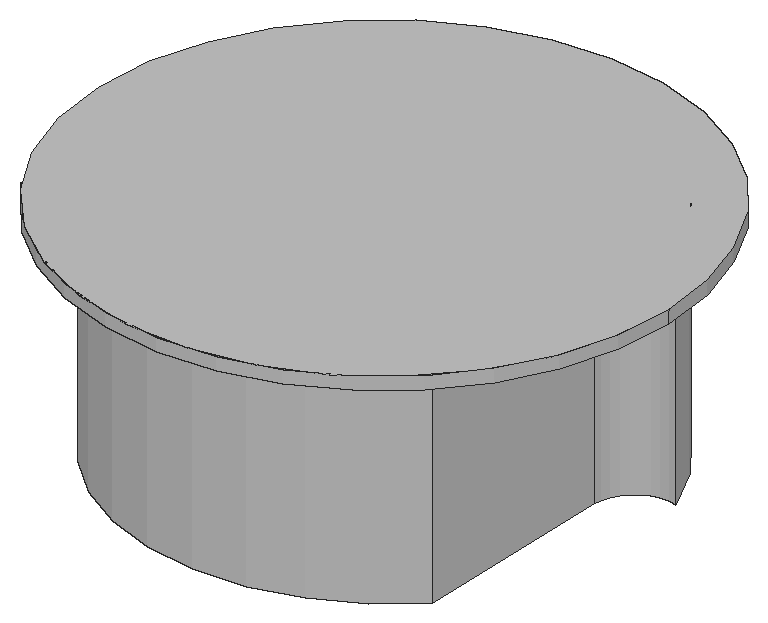
Revit family "Electronics_Desono_Biamp_Ceiling-Loudspeaker_CM20DTS", category Communication Devices, host Face, Revit 2020
Family settings
  Host = Face
  Maintain Annotation Orientation = No
  Round Connector Dimension = Use Diameter
  Part Type = Normal
  OmniClass Number = 23.85.10.11.14.14.14
  OmniClass Title = Loudspeakers
  Cut with Voids When Loaded = No
  Shared = No
  Room Calculation Point = No
Parameters (values of type "CM20DTS")
  Tile Bridge [instance] = no
  Nom ceiling thikness [instance] = if(or(Ceiling Thickness < 0' 0 1/4", Ceiling Thickness = 0' 0 1/4"), 0' 0 1/4", if(and(Ceiling Thickness > 0' 0 1/4", Ceiling Thickness < 0' 3"), Ceiling Thickness, if(or(Ceiling Thickness > 0' 3", Ceiling Thickness = 0' 3"), 0' 3", 0' 0")))  # 0' - 0 1/4"
  Ceiling Thickness [instance] = 0' - 0 1/4"
  Weight = 4.40925 lbf  # constant formula
  URL = "https://www.biamp.com/"
  Transformer = "70V: 20W, 10W, 5W, 2.5W, 1.25W;100V: 20W, 10W, 5W, 2.5W"  # constant formula
  Transducers = "LF 1 x 4.25 (108 mm) treated paper cone;HF 1 x 1 (25 mm) soft dome"  # constant formula
  Shipping Weight = 7.70 lbf  # constant formula
  Safety Features = "2 hang points"  # constant formula
  Recommended Amplifers = "40W - 80W @ 16Ω (25V - 36V)"  # constant formula
  Protection = "3-step self-resetting protection"  # constant formula
  Product data url = "https://www.bimobject.com/biamp/product/cm20dts_desono-ceiling"
  Product Page URL = "https://www.biamp.com/products/product-families/desono/ceiling-loudspeakers#cm20dts"
  Product Documentation Link = "https://downloads.biamp.com/assets/docs/default-source/data-sheets/biamp_data_sheet_desono_cm20dts_oct21.pdf"
  Operating Range (-10dB) = "90 Hz to 22 kHz"  # constant formula
  Operating Mode = "Passive"  # constant formula
  Operating Environment = "Indoor"  # constant formula
  Nominal Sensitivity @ 1m = "1W - 87dB;2.83V - 84dB"  # constant formula
  Nominal Maximum SPL @ 1m = "Peak - 109dB; Continuous - 103dB"  # constant formula
  Nominal Beamwidth  (H x V) = "150° x 100°"  # constant formula
  Mounting Provisions = "2 mounting clamps with grip range of 0.2 - 1.6 (3 - 41 mm);Cover plate with 0.75 (22 mm) NPT knockout for conduit connectors"  # constant formula
  Model = "CM20DTS"  # constant formula
  Manufacturer = "Biamp"  # constant formula
  Input Connection = "(1) 4-way Euroblock connector with permanent pass-through"  # constant formula
  Housing Material = Biamp - Plastic - Gray
  Grill Material = Biamp - Plastic - Gray(Grid)
  Diameter = 0' - 8.77953"  # constant formula
  Description = "Desono™ CM20DTS Two-Way 4.25 Ceiling Loudspeaker"  # constant formula
  Depth = 0' - 3.30709"  # constant formula
  Default Elevation = 4' - 0"
  Cutout Diameter = "7.6 (193 mm)"  # constant formula
  Continuous Power Handling Nominal Impedance = "25V 40W @ 16Ω (160W peak)"  # constant formula
  Connector Description = "4-way Euroblock; Low impedance 16 ohms, 70/100V operation"  # constant formula
  Compliance = "ETL listed to comply with UL 1480A and UL 2043;Certifed to CSA C22.2#62368-1;Suitable for use in air handling spaces per NFPA 70, NFPA 90;Conforms with City of Chicago Codes"  # constant formula
Reference planes (in)
  plane 1 "Center (Front/Back)": y = 0
  plane 2: z = 0
  plane 3 "Center (Left/Right)": x = 0
Forms (in)
  Extrusion 1, solid, material "Biamp - Plastic - Gray(Grid)" <- "Grill Material"
    sketch origin (0, 0, 0) x (1, 0, 0) y (0, 1, 0)
      loop
        circle (0, 0) r 4.38976
    from 0 to 0.19685
  Extrusion 2, solid, material "Biamp - Plastic - Gray" <- "Housing Material", detail levels coarse
    sketch origin (0, 0, 0) x (1, 0, 0) y (0, 1, 0)
      loop
        circle (0, 0) r 3.79921
    from -3.30709 to 0
  Extrusion 3, void
    sketch origin (0, 0, 0) x (1, 0, 0) y (0, 1, 0)
      loop
        line (-0.98425, -0.29528) -> (0.98425, -0.29528) -> (0.98425, 0.29528) -> (-0.98425, 0.29528) -> (-0.98425, -0.29528)
    from -3.30709 to -3.24097
  Extrusion 4, void
    sketch origin (0, 0, 0) x (1, 0, 0) y (0, 1, 0)
      loop
        circle (0, 0) r 3.79921
    from -3.30709 to 0
  Extrusion 5, solid, material "Biamp - Plastic - Gray" <- "Housing Material", detail levels medium+fine
    sketch origin (0, 0, 0) x (1, 0, 0) y (0, 1, 0)
      loop
        arc (3.56434, 1.16746) -> (0.74661, 3.57749) -> (-2.78224, 2.43948) r 3.79921
        line (-2.78224, 2.43948) -> (-2.78224, -0.56249)
        arc (-2.78224, -0.56249) -> (-3.01111, -1.04594) -> (-3.53011, -1.17533) r 0.62503
        arc (-3.53011, -1.17533) -> (-0.75395, -3.61492) -> (2.78224, -2.54063) r 3.79921
        line (2.78224, -2.54063) -> (2.78224, 0.56249)
        arc (2.78224, 0.56249) -> (3.02485, 1.05688) -> (3.56434, 1.16746) r 0.62503
    from -3.30709 to 0
Cuts and joins
  Extrusion 3 cuts Extrusion 1
  Extrusion 3 cuts Extrusion 2
  Extrusion 3 cuts Extrusion 5
Lines and regions (in)
  Masking region 1
    outline origin (0, 0, 0) x (1, 0, 0) y (0, 1, 0)
      loop
        circle (0, 0) r 4.38976
  Masking region 2
    outline origin (0, 0, 0) x (1, 0, 0) y (0, 0, 1)
      loop
        line (-4.38976, 0.19685) -> (-4.38976, 0) -> (4.38976, 0) -> (4.38976, 0.19685) -> (-4.38976, 0.19685)
  Masking region 3
    outline origin (0, 0, 0) x (1, 0, 0) y (0, 0, 1)
      loop
        line (-3.79921, 0) -> (-3.79921, -3.30709) -> (3.79921, -3.30709) -> (3.79921, 0) -> (-3.79921, 0)
  reference lines
    curve 1: line (-60.26023, 0, -0.25) -> (-31.26023, 0, -0.25)
Dimensions and locks (in)
  "Nom ceiling thikness": plane 2 to curve 1
  aligned and locked: plane 2 to host face
  aligned and locked: level to host face
Automatic sketch dimensions
  host sketch curve to host sketch curve = 8' - 0"  (x2)
  plane 1 "Center (Front/Back)" to Extrusion 1 sketch curve = 0' - 0"
  Extrusion 1 sketch curve to plane 3 "Center (Left/Right)" = 0' - 0"
  plane 1 "Center (Front/Back)" to Extrusion 2 sketch curve = 0' - 0"
  Extrusion 2 sketch curve to plane 3 "Center (Left/Right)" = 0' - 0"
  Extrusion 3 sketch curve to plane 1 "Center (Front/Back)" = 0' - 0.29528"
  Extrusion 3 sketch curve to plane 3 "Center (Left/Right)" = 0' - 0.98425"
  plane 3 "Center (Left/Right)" to Extrusion 3 sketch curve = 0' - 0.98425"
  plane 1 "Center (Front/Back)" to Extrusion 3 sketch curve = 0' - 0.29528"
  plane 1 "Center (Front/Back)" to Extrusion 4 sketch curve = 0' - 0"
  Extrusion 4 sketch curve to plane 3 "Center (Left/Right)" = 0' - 0"
  Extrusion 5 sketch curve to plane 3 "Center (Left/Right)" = 0' - 0"
  Extrusion 5 sketch curve to plane 3 "Center (Left/Right)" = 0' - 2.78224"
  Extrusion 5 sketch curve to Extrusion 5 sketch curve = 0' - 0.62503"  (x2)
  plane 3 "Center (Left/Right)" to Extrusion 5 sketch curve = 0' - 0.04921"
  Extrusion 5 sketch curve to plane 1 "Center (Front/Back)" = 0' - 0 9/16"
  Extrusion 5 sketch curve to Extrusion 5 sketch curve = 0' - 2.73302"
  Extrusion 5 sketch curve to plane 1 "Center (Front/Back)" = 0' - 0.09843"
  plane 1 "Center (Front/Back)" to Extrusion 5 sketch curve = 0' - 0.14764"
  plane 1 "Center (Front/Back)" to Extrusion 5 sketch curve = 0' - 0 9/16"
  plane 1 "Center (Front/Back)" to Extrusion 5 sketch curve = 0' - 2.54063"
  Extrusion 5 sketch curve to plane 1 "Center (Front/Back)" = 0' - 2.43948"
  plane 1 "Center (Front/Back)" to Masking region 1 sketch curve = 0' - 0"
  Masking region 1 sketch curve to plane 3 "Center (Left/Right)" = 0' - 0"
  Masking region 2 sketch curve to level = 0' - 0"
  Masking region 2 sketch curve to plane 3 "Center (Left/Right)" = 0' - 4.38976"
  plane 3 "Center (Left/Right)" to Masking region 2 sketch curve = 0' - 4.38976"
  Masking region 2 sketch curve to Masking region 2 sketch curve = 0' - 0.19685"
  Masking region 3 sketch curve to level = 0' - 0"
  Masking region 3 sketch curve to plane 3 "Center (Left/Right)" = 0' - 3.79921"
  plane 3 "Center (Left/Right)" to Masking region 3 sketch curve = 0' - 3.79921"
  Masking region 3 sketch curve to level = 0' - 3.30709"
  curve 1 to plane 3 "Center (Left/Right)" = 5' - 0.26023"
  curve 1 to curve 1 = 2' - 5"
  radius of Extrusion 1 sketch curve = 0' - 4.38976"
  radius of Extrusion 2 sketch curve = 0' - 3.79921"
  radius of Extrusion 4 sketch curve = 0' - 3.79921"
  radius of Masking region 1 sketch curve = 0' - 4.38976"
Nested families (in)
  nested 1: "Tile rail" at (-4.15724, 0, -0.25) x (1, 0, 0) z (0, 0, -1), visible <- "Tile Bridge", type "Tile rail"
    with Housing Material Biamp - Metal - Silver
  nested 2: "Tile rail" at (4.15724, 0, -0.25) x (1, 0, 0) z (0, 0, -1), visible <- "Tile Bridge", type "Tile rail"
    with Housing Material Biamp - Metal - Silver
  nested 3: "Tile rail spaser" at (0, 6.34252, -0.30906) x (0, -1, 0) z (0, 0, -1), visible <- "Tile Bridge", type "Tile rail spaser"
    with Housing Material Biamp - Metal - Silver
  nested 4: "Tile rail spaser" at (0, -6.34252, -0.30906) x (0, 1, 0) z (0, 0, -1), visible <- "Tile Bridge", type "Tile rail spaser"
    with Housing Material Biamp - Metal - Silver
Connectors (in)
  electrical at (0, 0, -3.24097), driven by "Connector Description"
    settings: on cut or joined group of Extrusion 2, Extrusion 3, index 1, voltage 0 V, apparent load 0 VA, apparent load phase1 0 VA, apparent load phase2 0 VA, apparent load phase3 0 VA, power factor 1, load classification "Other", number of poles 1, system type 5, power factor state 1, is connector primary yes, connector utility no, sub classification motor no, connector description "4-way Euroblock; Low impedance 16 ohms, 70/100V operation"
Definition of nested family "Tile rail"
  Parameters (values of type "Tile rail")
    Housing Material [instance] = none
    Height = 0' - 0"
    Default Elevation = 4' - 0"
  Reference planes (in)
    plane 1 "Center (Front/Back)": y = 0
    plane 2: z = 0
    plane 3 "Center (Left/Right)": x = 0
  Forms (in)
    Extrusion 1, solid, material <- "Housing Material"
      sketch origin (0, 0, 0) x (0, 1, 0) y (0, 0, 1)
        loop
          line (11.77165, 0) -> (11.77165, 1.24632)
          arc (11.77165, 1.24632) -> (11.78715, 1.28372) -> (11.82455, 1.29921) r 0.0529
          line (11.82455, 1.29921) -> (12.21564, 1.29921)
          arc (12.21564, 1.29921) -> (12.24968, 1.28511) -> (12.26378, 1.25107) r 0.04814
          line (12.26378, 1.25107) -> (12.26378, 1.05307) -> (12.34252, 1.05307) -> (12.34252, 1.32954)
          arc (12.34252, 1.32954) -> (12.32834, 1.36377) -> (12.29411, 1.37795) r 0.04841
          line (12.29411, 1.37795) -> (11.74385, 1.37795)
          arc (11.74385, 1.37795) -> (11.70783, 1.36303) -> (11.69291, 1.32702) r 0.05093
          line (11.69291, 1.32702) -> (11.69291, 0) -> (11.77165, 0)
        loop
          line (-11.77165, 0) -> (-11.69291, 0) -> (-11.69291, 1.32702)
          arc (-11.69291, 1.32702) -> (-11.70783, 1.36303) -> (-11.74385, 1.37795) r 0.05093
          line (-11.74385, 1.37795) -> (-12.29411, 1.37795)
          arc (-12.29411, 1.37795) -> (-12.32834, 1.36377) -> (-12.34252, 1.32954) r 0.04841
          line (-12.34252, 1.32954) -> (-12.34252, 1.05307) -> (-12.26378, 1.05307) -> (-12.26378, 1.25107)
          arc (-12.26378, 1.25107) -> (-12.24968, 1.28511) -> (-12.21564, 1.29921) r 0.04814
          line (-12.21564, 1.29921) -> (-11.82455, 1.29921)
          arc (-11.82455, 1.29921) -> (-11.78715, 1.28372) -> (-11.77165, 1.24632) r 0.0529
          line (-11.77165, 1.24632) -> (-11.77165, 0)
      from -0.7874 to 0.7874
    Extrusion 2, solid, material <- "Housing Material"
      sketch origin (0, 0, 0) x (1, 0, 0) y (0, 0, 1)
        loop
          line (-0.29925, 0) -> (0.29925, 0) -> (0.29925, 0.54352) -> (0.2402, 0.54352) -> (0.2402, 0.05906) -> (-0.2402, 0.05906) -> (-0.2402, 0.54352) -> (-0.29925, 0.54352) -> (-0.29925, 0)
      from -11.69291 to 11.69291
  Lines and regions (in)
    Masking region 1
      outline origin (0, 0, 0) x (1, 0, 0) y (0, 1, 0)
        loop
          line (-0.7874, 12.34252) -> (-0.7874, 11.69291) -> (0.7874, 11.69291) -> (0.7874, 12.34252) -> (-0.7874, 12.34252)
        loop
          line (-0.7874, -11.69291) -> (-0.7874, -12.34252) -> (0.7874, -12.34252) -> (0.7874, -11.69291) -> (-0.7874, -11.69291)
    Masking region 2
      outline origin (0, 0, 0) x (1, 0, 0) y (0, 1, 0)
        loop
          line (-0.29925, 11.69291) -> (-0.29925, -11.69291) -> (-0.2402, -11.69291) -> (-0.2402, 11.69291) -> (-0.29925, 11.69291)
        loop
          line (0.29925, 11.69291) -> (0.2402, 11.69291) -> (0.2402, -11.69291) -> (0.29925, -11.69291) -> (0.29925, 11.69291)
    Masking region 3
      outline origin (0, 0, 0) x (1, 0, 0) y (0, 1, 0)
        loop
          line (0.2402, -11.69291) -> (0.2402, 11.69291) -> (-0.2402, 11.69291) -> (-0.2402, -11.69291) -> (0.2402, -11.69291)
    Masking region 4
      outline origin (0, 0, 0) x (1, 0, 0) y (0, 0, 1)
        loop
          line (-0.7874, 1.37795) -> (-0.7874, 1.05307) -> (0.7874, 1.05307) -> (0.7874, 1.37795) -> (-0.7874, 1.37795)
    Masking region 5
      outline origin (0, 0, 0) x (1, 0, 0) y (0, 0, 1)
        loop
          line (-0.7874, 1.05307) -> (-0.7874, 0) -> (0.7874, 0) -> (0.7874, 1.05307) -> (-0.7874, 1.05307)
  Dimensions and locks (in)
    aligned and locked: level to plane 2
Definition of nested family "Tile rail spaser"
  Parameters (values of type "Tile rail spaser")
    Housing Material [instance] = none
    Height = 0' - 0"
    Default Elevation = 4' - 0"
  Reference planes (in)
    plane 1 "Center (Front/Back)": y = 0
    plane 2: z = 0
    plane 3 "Center (Left/Right)": x = 0
  Forms (in)
    Extrusion 1, solid, material <- "Housing Material"
      sketch origin (0, 0, 0) x (0, 1, 0) y (0, 0, 1)
        loop
          line (3.85262, 0) -> (3.83692, 0.4496)
          arc (3.83692, 0.4496) -> (3.8878, 0.50229) -> (3.93867, 0.4496) r 0.05091
          line (3.93867, 0.4496) -> (3.92297, 0) -> (4.12402, 0) -> (4.12402, 0.0315) -> (3.96347, 0.0315) -> (3.97801, 0.4479)
          arc (3.97801, 0.4479) -> (3.8878, 0.54132) -> (3.79758, 0.4479) r 0.09027
          line (3.79758, 0.4479) -> (3.81212, 0.0315) -> (-3.82443, 0.0315) -> (-3.80988, 0.4479)
          arc (-3.80988, 0.4479) -> (-3.9001, 0.54132) -> (-3.99031, 0.4479) r 0.09027
          line (-3.99031, 0.4479) -> (-3.97577, 0.0315) -> (-4.12402, 0.0315) -> (-4.12402, 0) -> (-3.93528, 0) -> (-3.95098, 0.4496)
          arc (-3.95098, 0.4496) -> (-3.9001, 0.50229) -> (-3.84922, 0.4496) r 0.05091
          line (-3.84922, 0.4496) -> (-3.86492, 0) -> (3.85262, 0)
      from -0.29528 to 0.29528
  Lines and regions (in)
    Masking region 1
      outline origin (0, 0, 0) x (1, 0, 0) y (0, 1, 0)
        loop
          line (-0.29528, 4.12402) -> (-0.29528, 3.97806) -> (0.29528, 3.97806) -> (0.29528, 4.12402) -> (-0.29528, 4.12402)
        loop
          line (-0.29528, 3.79753) -> (-0.29528, -3.80735) -> (0.29528, -3.80735) -> (0.29528, 3.79753) -> (-0.29528, 3.79753)
        loop
          line (-0.29528, -3.99037) -> (-0.29528, -4.12402) -> (0.29528, -4.12402) -> (0.29528, -3.99037) -> (-0.29528, -3.99037)
    Masking region 2
      outline origin (0, 0, 0) x (1, 0, 0) y (0, 1, 0)
        loop
          line (-0.29528, -3.80988) -> (-0.29528, -3.99031) -> (0.29528, -3.99031) -> (0.29528, -3.80988) -> (-0.29528, -3.80988)
        loop
          line (-0.29528, 3.97801) -> (-0.29528, 3.79753) -> (0.29528, 3.79753) -> (0.29528, 3.97801) -> (-0.29528, 3.97801)
    Masking region 3
      outline origin (0, 0, 0) x (1, 0, 0) y (0, 0, 1)
        loop
          line (-0.29528, 0.54132) -> (-0.29528, 0.0315) -> (0.29528, 0.0315) -> (0.29528, 0.54132) -> (-0.29528, 0.54132)
    Masking region 4
      outline origin (0, 0, 0) x (1, 0, 0) y (0, 0, 1)
        loop
          line (-0.29528, 0.0315) -> (-0.29528, 0) -> (0.29528, 0) -> (0.29528, 0.0315) -> (-0.29528, 0.0315)
  Dimensions and locks (in)
    aligned and locked: level to plane 2
